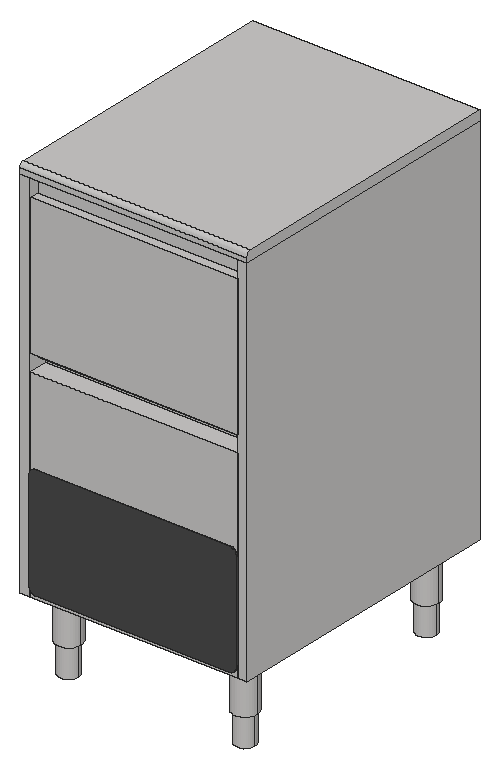
Revit family "QF_ELECTROLUXPROFESSIONAL_730337_IGE58I20SNP", category Attrezzature speciali, Revit 2018
Family settings
  Quota connettore circolare = Usa diametro
  Tipo di parte = Normale
  Basato su piano di lavoro = No
  Sempre verticale = Sì
  Taglio con vuoti quando caricato = No
  Condiviso = No
  Punto di calcolo locali = No
Parameters (values of type "Standard")
  Weight = 0.00 kg
  Watts = 550 W
  Volts = 220 V
  URL Manufacturer = "https://www.electroluxprofessional.com/"
  URL = "https://www.electroluxprofessional.com/"
  Steam Supply Size = 0 mm
  Steam Supply Minimum Pressure = 0.0 Pa
  Steam Supply Maximum Pressure = 0.0 Pa
  Steam Pounds per Hour = 0
  Show Logo [instance] = yes
  Show Clearance [instance] = yes
  Refrigeration Suction Line Size = 0 mm
  Refrigeration Liquid Line Size = 0 mm
  Refrigerant Compressor Remote = yes
  Produttore = "Electrolux Professional"
  Phase = 1
  Modello = "IGE58I20SNP"
  Length Actual = 465 mm  # constant formula
  Item Number = "730337"
  Hot Water Size = 0 mm
  Height Actual = 105 mm  # constant formula
  HP = "0.7 HP"
  Gas Size = 0 mm
  Gas KW = 0
  Gas Input Pressure = 0 W
  Descrizione = "WATER COOLED GRANULAR ICE XS 66KG/24H-BIN 20KG"
  Depth Actual = 595 mm  # constant formula
  Cycle = 50 Hz
  Condensate Return Size = 0 mm
  Compressed Air Volume = 0.0 L/s
  Compressed Air Size = 0 mm
  Compressed Air Pressure = 0.0 Pa
  Cold Water Size = 19.05 mm
  Accessory = yes
Reference planes
  plane 1 "Center X": y = 272.851
  plane 2: z = 0
  plane 3 "Center Y": x = -501.5
  plane 4 "LEFT": x = -734
  plane 5 "RIGHT": x = -269
  plane 6 "FRONT": y = -24.649
  plane 7 "BACK": y = 570.351
  plane 8: z = 155
  plane 9: z = 943
  plane 10: z = 923
  plane 11: x = -714
  plane 12: x = -289
  plane 13: y = 15.351
Forms (mm)
  Extrusion 1, solid, material "QF_Finishes_Black"
    sketch origin (-217.296, -24.649, 371.513) x (-1, 0, 0) y (0, 0, -1)
      loop
        arc (481.704, -21.487) -> (492.311, -17.093) -> (496.704, -6.487) r 15
        line (496.704, -6.487) -> (496.704, 194.469)
        arc (496.704, 194.469) -> (492.311, 205.075) -> (481.704, 209.469) r 15
        line (481.704, 209.469) -> (86.704, 209.469)
        arc (86.704, 209.469) -> (76.097, 205.075) -> (71.704, 194.469) r 15
        line (71.704, 194.469) -> (71.704, -6.487)
        arc (71.704, -6.487) -> (76.097, -17.093) -> (86.704, -21.487) r 15
        line (86.704, -21.487) -> (481.704, -21.487)
    from 0 to 2
  Extrusion 2, solid, material "QF_Finishes_Stainless Steel"
    sketch origin (-501.5, 0, 0) x (0, 1, 0) y (0, 0, 1)
      loop
        line (570.351, 923) -> (570.351, 943) -> (-14.649, 943)
        arc (-14.649, 943) -> (-21.72, 940.071) -> (-24.649, 933) r 10
        line (-24.649, 933) -> (-24.649, 923) -> (570.351, 923)
    from -232.5 to 232.5
  Extrusion 3, solid, material "QF_Finishes_Stainless Steel"
    sketch origin (-321.2, 570.351, -329.545) x (1, 0, 0) y (0, 0, -1)
      loop
        circle (-16.8, -655.545) r 10
    from 0 to 10
  Extrusion 4, solid, material "QF_Finishes_Stainless Steel"
    sketch origin (0, 0, 0) x (1, 0, 0) y (0, 1, 0)
      loop
        line (-734, 570.351) -> (-734, -24.649) -> (-714, -24.649) -> (-714, 570.351) -> (-734, 570.351)
    from 155 to 923
  Extrusion 5, solid, material "QF_Finishes_Stainless Steel"
    sketch origin (0, 0, 0) x (1, 0, 0) y (0, 1, 0)
      loop
        line (-289, 570.351) -> (-289, -24.649) -> (-269, -24.649) -> (-269, 570.351) -> (-289, 570.351)
    from 155 to 923
  Extrusion 6, solid, material "QF_Finishes_Stainless Steel"
    sketch origin (0, 0, 0) x (1, 0, 0) y (0, 1, 0)
      loop
        line (-714, 570.351) -> (-714, 15.351) -> (-289, 15.351) -> (-289, 570.351) -> (-714, 570.351)
    from 155 to 923
  Extrusion 7, solid, material "QF_Finishes_Stainless Steel"
    sketch origin (0, 0, 0) x (1, 0, 0) y (0, 1, 0)
      loop
        line (-714, -24.649) -> (-289, -24.649) -> (-289, 15.351) -> (-714, 15.351) -> (-714, -24.649)
    from 155 to 567.953
  Extrusion 8, solid, material "QF_Finishes_Stainless Steel"
    sketch origin (-501.5, 0, 0) x (0, 1, 0) y (0, 0, 1)
      loop
        line (15.351, 923) -> (-4.649, 923) -> (-4.649, 887) -> (-24.649, 887) -> (-24.649, 601.652) -> (-4.649, 601.652) -> (-4.649, 586.652) -> (15.351, 586.652) -> (15.351, 923)
    from -212.5 to 212.5
  Extrusion 9, solid, material "QF_Finishes_Stainless Steel"
    sketch origin (-303.2, 570.351, -440.545) x (1, 0, 0) y (0, 0, -1)
      loop
        circle (-16.8, -655.545) r 10
    from 0 to 10
  Extrusion 10, solid, material "QF_Finishes_Stainless Steel"
    sketch origin (-363.2, 570.351, -361.545) x (1, 0, 0) y (0, 0, -1)
      loop
        circle (-16.8, -655.545) r 10
    from 0 to 10
Lines and regions (mm)
  Split face 1
    outline origin (-501.5, -4.649, 923) x (0, 0, -1) y (1, 0, 0)
      loop
        line (5.715, 89.928) -> (30.715, 89.928) -> (30.715, 129.928) -> (5.715, 129.928) -> (5.715, 89.928)
  symbolic lines
    curve 1: line (-734, 570.351, 0) -> (-269, 570.351, 0)
    curve 2: line (-734, -24.649, 0) -> (-734, 570.351, 0)
    curve 3: line (-269, -24.649, 0) -> (-734, -24.649, 0)
    curve 4: line (-269, 570.351, 0) -> (-269, -24.649, 0)
Dimensions and locks
  equal spacing: plane 4 "LEFT", plane 3 "Center Y", plane 5 "RIGHT"
  plane 4 "LEFT" to plane 5 "RIGHT" = 465 mm
  equal spacing: plane 7 "BACK", plane 1 "Center X", plane 6 "FRONT"
  plane 7 "BACK" to plane 6 "FRONT" = 595 mm
  plane 8 to plane 2 = 155 mm
  plane 9 to plane 8 = 788 mm
  locked: plane 4 "LEFT" to plane 11 at 20
  locked: plane 12 to plane 5 "RIGHT" at 20
  locked: plane 9 to plane 10 at 20
  locked: plane 13 to plane 6 "FRONT" at 40
  aligned and locked: level to plane 2
  aligned and locked: plane 5 "RIGHT" to Extrusion 2
  aligned and locked: Extrusion 2 to plane 4 "LEFT"
  aligned and locked: Extrusion 4 sketch curve to Extrusion 2  (x2)
  aligned and locked: plane 6 "FRONT" to Extrusion 4 sketch curve
  aligned and locked: Extrusion 4 sketch curve to plane 11
  aligned and locked: Extrusion 5 sketch curve to plane 7 "BACK"
  aligned and locked: plane 12 to Extrusion 5 sketch curve
  aligned and locked: Extrusion 5 sketch curve to Extrusion 2  (x2)
  aligned and locked: plane 10 to Extrusion 4
  aligned and locked: plane 10 to Extrusion 5
  aligned and locked: Extrusion 4 to plane 8
  aligned and locked: Extrusion 5 to plane 8
  aligned and locked: Extrusion 6 sketch curve to Extrusion 4
  aligned and locked: Extrusion 4 to Extrusion 6 sketch curve
  aligned and locked: plane 13 to Extrusion 6 sketch curve
  aligned and locked: Extrusion 6 sketch curve to plane 12
  aligned and locked: plane 10 to Extrusion 6
  aligned and locked: Extrusion 6 to plane 8
  aligned and locked: Extrusion 4 to Extrusion 7 sketch curve
  aligned and locked: Extrusion 7 sketch curve to Extrusion 4
  aligned and locked: plane 13 to Extrusion 7 sketch curve
  aligned and locked: plane 12 to Extrusion 7 sketch curve
  aligned and locked: Extrusion 7 to plane 8
  aligned and locked: plane 12 to Extrusion 8
  aligned and locked: Extrusion 8 to plane 11
Automatic sketch dimensions
  curve 3 to plane 4 "LEFT" = 0 mm
  curve 3 to plane 5 "RIGHT" = 0 mm
  curve 3 to plane 6 "FRONT" = 0 mm
  curve 2 to plane 7 "BACK" = 0 mm
  Extrusion 1 sketch curve to plane 12 = 0 mm
  plane 8 to Extrusion 1 sketch curve = 7.044 mm
  Extrusion 1 sketch curve to Extrusion 1 sketch curve = 15 mm  (x3)
  plane 11 to Extrusion 1 sketch curve = 15 mm  (x2)
  Extrusion 1 sketch curve to Extrusion 1 sketch curve = 200.956 mm
  Extrusion 2 sketch curve to plane 6 "FRONT" = 0 mm
  Extrusion 2 sketch curve to plane 9 = 0 mm
  Extrusion 2 sketch curve to plane 7 "BACK" = 0 mm
  Extrusion 2 sketch curve to plane 10 = 0 mm
  plane 6 "FRONT" to Extrusion 2 sketch curve = 10 mm
  Extrusion 6 to Extrusion 3 sketch curve = 171 mm
  Extrusion 3 sketch curve to Extrusion 6 = 49 mm
  Split face 1 sketch curve to Extrusion 8 = 5.715 mm
  Extrusion 8 to Split face 1 sketch curve = 5.285 mm
  Split face 1 sketch curve to Extrusion 8 = 122.572 mm
  Split face 1 sketch curve to Split face 1 sketch curve = 40 mm
  Extrusion 9 sketch curve to Extrusion 6 = 31 mm
  Extrusion 6 to Extrusion 9 sketch curve = 60 mm
  Extrusion 10 sketch curve to Extrusion 6 = 91 mm
  Extrusion 6 to Extrusion 10 sketch curve = 139 mm
  Extrusion 8 sketch curve to plane 6 "FRONT" = 0 mm
  Extrusion 8 sketch curve to plane 10 = 0 mm
  Extrusion 8 sketch curve to plane 13 = 0 mm
  plane 6 "FRONT" to Extrusion 8 sketch curve = 20 mm
  Extrusion 8 sketch curve to Extrusion 8 sketch curve = 20 mm
  Extrusion 8 sketch curve to plane 10 = 36 mm
  Extrusion 8 sketch curve to Extrusion 8 sketch curve = 285.348 mm
  Extrusion 8 sketch curve to Extrusion 8 sketch curve = 15 mm
  radius of Extrusion 3 sketch curve = 10 mm
  radius of Extrusion 9 sketch curve = 10 mm
  radius of Extrusion 10 sketch curve = 10 mm
Nested families
  nested 1: "Foot_Complete" at (-682, 35.351, 0), type "Foot_Complete"
    with H 155 mm
  nested 2: "Foot_Complete" at (-321, 35.351, 0) x (-1, 0, 0) z (0, 0, 1), type "Foot_Complete"
    with H 155 mm
  nested 3: "Foot_Complete" at (-682, 499.351, 0), type "Foot_Complete"
    with H 155 mm
  nested 4: "Foot_Complete" at (-321, 499.351, 0) x (-1, 0, 0) z (0, 0, 1), type "Foot_Complete"
    with H 155 mm
Connectors
  electrical at (-320, 580.351, 215), driven by "Volts"
    settings: on Extrusion 9, index 1, voltage 220 V, apparent load 0 VA, apparent load phase1 0 VA, apparent load phase2 0 VA, apparent load phase3 0 VA, power factor 1, load classification "Altro", number of poles 1, system type 30, power factor state 1, is connector primary yes, connector utility no, sub classification motor no, connector description "Electrical Connection"
  piping at (-338, 580.351, 326), diameter 20
    settings: on Extrusion 3, index 2, connector inside diameter 609.6 mm, connector length 0 mm, flow factor 0, pipe flow 0.0 L/s, pressure drop 0.0 Pa, fitting loss kfactor 0, connector angle 0.00°, fixture units 0, engagement length 0 mm, angle of deflection 0.00°, flow configuration 0, flow direction 0, fitting loss method 0, system type 20, joint type 0, gender type 0, connector reference index -1, connector utility 0, adjustable connector no, is connector primary yes, connector description "Cold water"
  piping at (-380, 580.351, 294), diameter 20
    settings: on Extrusion 10, index 3, connector inside diameter 609.6 mm, connector length 0 mm, flow factor 0, pipe flow 0.0 L/s, pressure drop 0.0 Pa, fitting loss kfactor 0, connector angle 0.00°, fixture units 0, engagement length 0 mm, angle of deflection 0.00°, flow configuration 0, flow direction 0, fitting loss method 0, system type 16, joint type 0, gender type 0, connector reference index -1, connector utility 0, adjustable connector no, is connector primary no, connector description "Drain"
Definition of nested family "Foot_Complete"
  Parameters (values of type "Foot_Complete")
    R = 25 mm
    H = 153 mm
  Reference planes
    plane 1 "Centro (Fronte/Retro)": y = 0
    plane 2: z = 0
    plane 3 "Centro (Sinistra/Destra)": x = 0
    plane 4: z = 153
  Forms (mm)
    Revolve 1, solid
      sketch origin (255.05, 0, 608.09) x (0, 0, 1) y (-1, 0, 0)
        loop
          line (-608.09, 255.05) -> (-608.09, 235.05) -> (-548.09, 235.05) -> (-548.09, 230.05) -> (-455.09, 230.05) -> (-455.09, 255.05) -> (-608.09, 255.05)
        axis (-608.09, 255.05) -> (-455.09, 255.05)
      angle from 0 to 360
  Dimensions and locks
    level to Revolve 1 sketch curve = 60 mm
    "R": Revolve 1 sketch curve to plane 3 "Centro (Sinistra/Destra)"
    "H": plane 4 to level
    aligned and locked: level to plane 2
    aligned and locked: plane 4 to Revolve 1 sketch curve
    aligned and locked: Revolve 1 sketch curve to level
    aligned and locked: plane 3 "Centro (Sinistra/Destra)" to Revolve 1 sketch curve
  Automatic sketch dimensions
    Revolve 1 sketch curve to plane 3 "Centro (Sinistra/Destra)" = 0 mm
    plane 3 "Centro (Sinistra/Destra)" to Revolve 1 sketch curve = 20 mm
    Revolve 1 sketch curve to Revolve 1 sketch curve = 50 mm
    Revolve 1 sketch curve to Revolve 1 sketch curve = 20 mm
